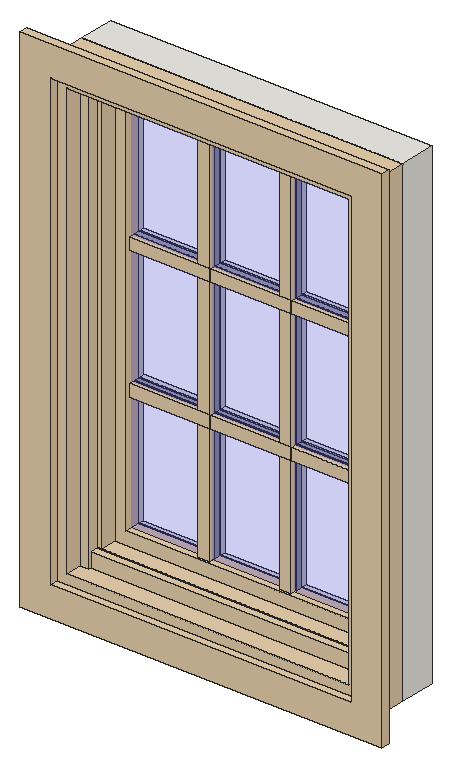
Revit family "Window-Casement-Andersen-A_Series 4", category Windows, host Wall, Revit 2013 (continued)
Dimensions and locks (in)
  aligned and locked: plane 5 "L Frame" to curve 43
  aligned and locked: Masking region 3 sketch curve to host wall
  aligned and locked: plane 31 "T Xjamb 1" to Extrusion 3 sketch curve
  aligned and locked: plane 33 "T Xjamb 2" to Extrusion 3 sketch curve
  aligned and locked: Extrusion 3 sketch curve to plane 21 "R Xjamb 1"
  aligned and locked: Extrusion 3 sketch curve to plane 23 "R Xjamb 2"
  aligned and locked: plane 11 "L Xjamb 1" to Extrusion 3 sketch curve
  aligned and locked: plane 13 "L Xjamb 2" to Extrusion 3 sketch curve
  aligned and locked: Extrusion 3 sketch curve to plane 56 "B Xjamb 1"
  aligned and locked: Extrusion 3 sketch curve to plane 41 "B Xjamb 2"
  aligned and locked: plane 31 "T Xjamb 1" to Extrusion 4 sketch curve
  aligned and locked: plane 38 "T Int Casing" to Extrusion 4 sketch curve
  aligned and locked: Extrusion 4 sketch curve to plane 21 "R Xjamb 1"
  aligned and locked: Extrusion 4 sketch curve to plane 28 "R Int Casing"
  aligned and locked: plane 11 "L Xjamb 1" to Extrusion 4 sketch curve
  aligned and locked: plane 45 "L Int Casing" to Extrusion 4 sketch curve
  aligned and locked: Extrusion 4 sketch curve to plane 56 "B Xjamb 1"
  aligned and locked: Extrusion 4 sketch curve to plane 44 "B Int Casing"
  aligned and locked: Extrusion 4 to host wall
  aligned and locked: Extrusion 4 to plane 58 "Interior Casing"
  aligned and locked: plane 43 "B Casing 2" to Extrusion 5 sketch curve
  aligned and locked: plane 43 "B Casing 2" to Sweep 6 sketch curve  (x2)
  aligned and locked: plane 17 "L Casing 4" to Sweep 6 sketch curve  (x2)
  aligned and locked: Sweep 6 sketch curve to plane 27 "R Casing 4"
  aligned and locked: plane 37 "T Casing 4" to Sweep 6 sketch curve
  aligned and locked: plane 16 "L Casing 3" to Sweep 6 sketch curve
  aligned and locked: plane 47 "Casing S2" to Sweep 6 sketch curve
  aligned and locked: Sweep 6 sketch curve to plane 46 "Casing S1"
  aligned and locked: plane 49 "Flange" to Sweep 6 sketch curve
  aligned and locked: Sweep 6 sketch curve to plane 12 "L Casing 1"
  aligned and locked: Sweep 6 sketch curve to plane 47 "Casing S2"
  aligned and locked: plane 15 "L Casing 2" to Sweep 6 sketch curve
  aligned and locked: Extrusion 5 to plane 17 "L Casing 4"
  aligned and locked: plane 27 "R Casing 4" to Extrusion 5
  aligned and locked: plane 32 "T Casing 1" to Extrusion 7 sketch curve
  aligned and locked: plane 37 "T Casing 4" to Extrusion 7 sketch curve
  aligned and locked: plane 12 "L Casing 1" to Extrusion 7 sketch curve
  aligned and locked: plane 17 "L Casing 4" to Extrusion 7 sketch curve
  aligned and locked: Extrusion 7 sketch curve to plane 22 "R Casing 1"
  aligned and locked: Extrusion 7 sketch curve to plane 27 "R Casing 4"
  aligned and locked: Extrusion 7 sketch curve to plane 43 "B Casing 2"
  aligned and locked: plane 46 "Casing S1" to Extrusion 7
  aligned and locked: plane 49 "Flange" to Extrusion 7
  aligned and locked: plane 8 "L Glazing" to Extrusion 8 sketch curve
  aligned and locked: Extrusion 8 sketch curve to plane 18 "R Glazing"
  aligned and locked: plane 29 "T Glazing" to Extrusion 8 sketch curve
  aligned and locked: plane 50 "Glass1 S1" to Extrusion 8
  aligned and locked: Extrusion 8 to plane 54 "Sash1 S2"
  aligned and locked: Extrusion 9 sketch curve to plane 8 "L Glazing"
  aligned and locked: Extrusion 9 sketch curve to plane 29 "T Glazing"
  aligned and locked: plane 18 "R Glazing" to Extrusion 9 sketch curve
  aligned and locked: Extrusion 9 to plane 50 "Glass1 S1"
  aligned and locked: plane 29 "T Glazing" to Extrusion 10 sketch curve
  aligned and locked: plane 8 "L Glazing" to Extrusion 10 sketch curve
  aligned and locked: Extrusion 10 sketch curve to plane 18 "R Glazing"
  aligned and locked: plane 50 "Glass1 S1" to Extrusion 10
  aligned and locked: Extrusion 10 to plane 53 "Glass1 S4"
  aligned and locked: nested 1 to plane 29 "T Glazing"
  aligned and locked: nested 1 to plane 3 "Center (Left/Right)"
  aligned and locked: plane 8 "L Glazing" to nested 2
  aligned and locked: nested 3 to plane 29 "T Glazing"
  aligned and locked: plane 8 "L Glazing" to nested 4
  aligned and locked: nested 5 to plane 29 "T Glazing"
  aligned and locked: plane 8 "L Glazing" to nested 6
  aligned and locked: plane 8 "L Glazing" to nested 7
  aligned and locked: Extrusion 5 sketch curve to plane 49 "Flange"
  aligned and locked: host wall to Masking region 11 sketch curve
  aligned and locked: plane 4 "R Frame" to Masking region 11 sketch curve
  aligned and locked: Masking region 11 sketch curve to plane 5 "L Frame"
  aligned and locked: plane 57 "Exterior Offset" to Masking region 11 sketch curve
  aligned and locked: plane 27 "R Casing 4" to Masking region 11 sketch curve
  aligned and locked: Masking region 11 sketch curve to plane 17 "L Casing 4"
  aligned and locked: plane 39 "B Glazing" to Extrusion 8 sketch curve
  aligned and locked: curve 11 to plane 66 "Sash1 S1"
  aligned and locked: plane 66 "Sash1 S1" to curve 15
  aligned and locked: plane 66 "Sash1 S1" to Extrusion 9
  aligned and locked: host wall to curve 19
  aligned and locked: plane 7 "T Frame" to Extrusion 11 sketch curve
  aligned and locked: Extrusion 11 sketch curve to plane 4 "R Frame"
  aligned and locked: Extrusion 11 sketch curve to plane 6 "B Frame"
  aligned and locked: plane 5 "L Frame" to Extrusion 11 sketch curve
  aligned and locked: plane 30 "T Ext Frame" to Extrusion 11 sketch curve
  aligned and locked: Extrusion 11 sketch curve to plane 19 "R Ext Frame"
  aligned and locked: plane 9 "L Ext Frame" to Extrusion 11 sketch curve
  aligned and locked: Extrusion 11 sketch curve to plane 40 "B Ext Frame"
  aligned and locked: plane 48 "Frame S1" to Extrusion 11
  aligned and locked: Extrusion 10 sketch curve to plane 39 "B Glazing"
  aligned and locked: plane 39 "B Glazing" to curve 28
  aligned and locked: plane 39 "B Glazing" to curve 27
  aligned and locked: plane 39 "B Glazing" to curve 29
  aligned and locked: plane 39 "B Glazing" to curve 26
  aligned and locked: plane 39 "B Glazing" to Extrusion 9 sketch curve
  aligned and locked: plane 68 "L Sash" to curve 18
  aligned and locked: plane 54 "Sash1 S2" to curve 18
  aligned and locked: plane 54 "Sash1 S2" to curve 14
  aligned and locked: plane 55 "Frame S2" to Masking region 1 sketch curve
  aligned and locked: Masking region 4 sketch curve to plane 55 "Frame S2"
  aligned and locked: plane 71 "T Sash" to Extrusion 9 sketch curve
  aligned and locked: plane 68 "L Sash" to Extrusion 9 sketch curve
  aligned and locked: Extrusion 9 sketch curve to plane 67 "R Sash"
  aligned and locked: plane 70 "B Sash" to Extrusion 9 sketch curve
  aligned and locked: Extrusion 8 sketch curve to plane 71 "T Sash"
  aligned and locked: Extrusion 8 sketch curve to plane 68 "L Sash"
  aligned and locked: plane 67 "R Sash" to Extrusion 8 sketch curve
  aligned and locked: plane 70 "B Sash" to Extrusion 8 sketch curve
  aligned and locked: Extrusion 11 to plane 54 "Sash1 S2"
  aligned and locked: plane 72 "T Int Frame" to Extrusion 12 sketch curve
  aligned and locked: plane 74 "L Int Frame" to Extrusion 12 sketch curve
  aligned and locked: Extrusion 12 sketch curve to plane 75 "R Int Frame"
  aligned and locked: Extrusion 12 sketch curve to plane 73 "B Int Frame"
  aligned and locked: Extrusion 12 sketch curve to plane 6 "B Frame"
  aligned and locked: Extrusion 12 sketch curve to plane 4 "R Frame"
  aligned and locked: plane 7 "T Frame" to Extrusion 12 sketch curve
  aligned and locked: plane 5 "L Frame" to Extrusion 12 sketch curve
  aligned and locked: plane 54 "Sash1 S2" to Extrusion 12
  aligned and locked: Extrusion 12 to plane 55 "Frame S2"
  aligned and locked: plane 75 "R Int Frame" to Extrusion 13
  aligned and locked: Extrusion 13 to plane 74 "L Int Frame"
  aligned and locked: Extrusion 14 sketch curve to plane 54 "Sash1 S2"
  aligned and locked: plane 20 "R Stop" to Extrusion 14 sketch curve
  aligned and locked: plane 10 "L Stop" to Extrusion 14 sketch curve
  aligned and locked: Extrusion 14 sketch curve to plane 69 "Stop S1"
  aligned and locked: plane 73 "B Int Frame" to Extrusion 14
  aligned and locked: Extrusion 14 to plane 72 "T Int Frame"
  aligned and locked: plane 65 "Xjamb S1" to Extrusion 3
  aligned and locked: host wall to Extrusion 3
  aligned and locked: plane 54 "Sash1 S2" to Extrusion 13 sketch curve
  aligned and locked: plane 76 "T Stop" to curve 38
  aligned and locked: plane 10 "L Stop" to curve 41
  aligned and locked: curve 39 to plane 20 "R Stop"
  aligned and locked: plane 72 "T Int Frame" to curve 50
  aligned and locked: curve 51 to plane 75 "R Int Frame"
  aligned and locked: plane 74 "L Int Frame" to curve 53
  aligned and locked: curve 52 to plane 73 "B Int Frame"
  aligned and locked: plane 71 "T Sash" to curve 54
  aligned and locked: plane 68 "L Sash" to curve 54
  aligned and locked: plane 68 "L Sash" to curve 55
  aligned and locked: plane 70 "B Sash" to curve 55
  aligned and locked: plane 67 "R Sash" to curve 55
  aligned and locked: curve 32 to plane 70 "B Sash"
  aligned and locked: plane 68 "L Sash" to curve 31
  aligned and locked: plane 71 "T Sash" to curve 30
  aligned and locked: curve 33 to plane 67 "R Sash"
  aligned and locked: plane 4 "R Frame" to curve 56
  aligned and locked: plane 5 "L Frame" to curve 56
  aligned and locked: host wall to curve 56
  aligned and locked: Masking region 12 sketch curve to plane 33 "T Xjamb 2"
  aligned and locked: plane 65 "Xjamb S1" to Masking region 12 sketch curve
  aligned and locked: plane 41 "B Xjamb 2" to Masking region 12 sketch curve
  aligned and locked: host wall to Masking region 12 sketch curve
  aligned and locked: host wall to Masking region 13 sketch curve
  aligned and locked: Masking region 13 sketch curve to plane 44 "B Int Casing"
  aligned and locked: plane 58 "Interior Casing" to Masking region 13 sketch curve
  aligned and locked: plane 38 "T Int Casing" to Masking region 13 sketch curve
  aligned and locked: plane 65 "Xjamb S1" to curve 60
  aligned and locked: plane 73 "B Int Frame" to curve 60
  aligned and locked: plane 65 "Xjamb S1" to curve 61
  aligned and locked: host wall to curve 61
  aligned and locked: plane 56 "B Xjamb 1" to curve 61
  aligned and locked: plane 58 "Interior Casing" to curve 62
  aligned and locked: plane 56 "B Xjamb 1" to curve 62
  aligned and locked: plane 65 "Xjamb S1" to curve 57
  aligned and locked: plane 72 "T Int Frame" to curve 57
  aligned and locked: plane 65 "Xjamb S1" to curve 58
  aligned and locked: host wall to curve 58
  aligned and locked: plane 31 "T Xjamb 1" to curve 58
  aligned and locked: plane 58 "Interior Casing" to curve 59
  aligned and locked: plane 31 "T Xjamb 1" to curve 59
  aligned and locked: Masking region 14 sketch curve to plane 65 "Xjamb S1"
  aligned and locked: plane 13 "L Xjamb 2" to Masking region 14 sketch curve
  aligned and locked: Masking region 14 sketch curve to host wall
  aligned and locked: Masking region 14 sketch curve to plane 23 "R Xjamb 2"
  aligned and locked: host wall to Masking region 15 sketch curve
  aligned and locked: plane 45 "L Int Casing" to Masking region 15 sketch curve
  aligned and locked: plane 58 "Interior Casing" to Masking region 15 sketch curve
  aligned and locked: Masking region 15 sketch curve to plane 28 "R Int Casing"
  aligned and locked: plane 65 "Xjamb S1" to curve 65
  aligned and locked: host wall to curve 65
  aligned and locked: plane 11 "L Xjamb 1" to curve 65
  aligned and locked: plane 58 "Interior Casing" to curve 66
  aligned and locked: plane 11 "L Xjamb 1" to curve 66
  aligned and locked: plane 65 "Xjamb S1" to curve 63
  aligned and locked: host wall to curve 63
  aligned and locked: plane 21 "R Xjamb 1" to curve 63
  aligned and locked: plane 58 "Interior Casing" to curve 64
  aligned and locked: plane 21 "R Xjamb 1" to curve 64
  aligned and locked: curve 40 to plane 59 "Vertical Bar Length"
  aligned and locked: Extrusion 15 sketch curve to plane 72 "T Int Frame"
  aligned and locked: Extrusion 15 sketch curve to plane 69 "Stop S1"
  aligned and locked: Extrusion 15 to plane 74 "L Int Frame"
  aligned and locked: plane 75 "R Int Frame" to Extrusion 15
  aligned and locked: plane 6 "B Frame" to curve 49
  aligned and locked: plane 49 "Flange" to curve 49
  aligned and locked: plane 7 "T Frame" to curve 48
  aligned and locked: plane 49 "Flange" to curve 48
  aligned and locked: plane 25 "R Casing 2" to curve 5
  aligned and locked: plane 47 "Casing S2" to curve 4
  aligned and locked: plane 26 "R Casing 3" to curve 4
  aligned and locked: plane 46 "Casing S1" to curve 4
  aligned and locked: plane 15 "L Casing 2" to curve 2
  aligned and locked: plane 35 "T Casing 2" to curve 24
  aligned and locked: plane 36 "T Casing 3" to curve 23
  aligned and locked: plane 46 "Casing S1" to curve 23
  aligned and locked: Extrusion 5 sketch curve to plane 6 "B Frame"
  aligned and locked: Masking region 6 sketch curve to cut or joined group of Extrusion 5, Sweep 6
  aligned and locked: Extrusion 7 sketch curve to plane 6 "B Frame"
  aligned and locked: plane 46 "Casing S1" to curve 42
  aligned and locked: plane 46 "Casing S1" to curve 43
  aligned and locked: plane 55 "Frame S2" to curve 68
  aligned and locked: plane 55 "Frame S2" to curve 67
  aligned and locked: plane 5 "L Frame" to curve 68
  aligned and locked: plane 4 "R Frame" to curve 67
  aligned and locked: plane 49 "Flange" to curve 69
  aligned and locked: plane 37 "T Casing 4" to curve 69
  aligned and locked: plane 46 "Casing S1" to curve 70
  aligned and locked: plane 49 "Flange" to curve 70
  aligned and locked: plane 43 "B Casing 2" to curve 70
  aligned and locked: plane 49 "Flange" to curve 67
  aligned and locked: plane 49 "Flange" to curve 68
  aligned and locked: plane 49 "Flange" to curve 99
  aligned and locked: plane 4 "R Frame" to curve 99
  aligned and locked: curve 153 to plane 49 "Flange"
  aligned and locked: plane 5 "L Frame" to curve 153
  aligned and locked: plane 69 "Stop S1" to curve 155
  aligned and locked: plane 75 "R Int Frame" to curve 154
  aligned and locked: plane 74 "L Int Frame" to curve 157
  aligned and locked: curve 156 to plane 69 "Stop S1"
  aligned and locked: plane 55 "Frame S2" to curve 154
  aligned and locked: plane 55 "Frame S2" to curve 157
  aligned and locked: plane 16 "L Casing 3" to curve 1
  aligned and locked: plane 46 "Casing S1" to curve 1
Automatic sketch dimensions
  curve 42 to curve 42 = 0' - 0 3/16"
  curve 13 to curve 13 = 0' - 2.3296"
  curve 278 to curve 278 = 0' - 0.156"  (x2)
  curve 76 to curve 75 = 0' - 0.335"
  curve 75 to curve 74 = 0' - 0.047"
  curve 77 to curve 91 = 0' - 0.46646"
  curve 91 to curve 89 = 0' - 0.01154"
  curve 88 to curve 88 = 0' - 0 1/2"
  curve 87 to curve 93 = 0' - 0.1325"
  curve 74 to curve 80 = 0' - 0.765"
  curve 80 to curve 82 = 0' - 0.12649"
  curve 93 to curve 84 = 0' - 0.4815"
  curve 85 to curve 85 = 0' - 1.19371"
  curve 95 to curve 96 = 0' - 0.80629"
  curve 91 to curve 77 = 0' - 1.0695"
  curve 99 to curve 91 = 0' - 0.22314"
  curve 74 to curve 73 = 0' - 0.122"
  curve 81 to curve 78 = 0' - 0.122"
  curve 97 to curve 98 = 0' - 1.05756"
  curve 91 to curve 90 = 0' - 0.1829"
  curve 91 to curve 89 = 0' - 0.26718"
  curve 89 to curve 88 = 0' - 0.17032"
  curve 87 to curve 98 = 0' - 0.1945"
  curve 87 to curve 94 = 0' - 0.3285"
  curve 93 to curve 87 = 0' - 0.1845"
  curve 97 to curve 97 = 0' - 0.68"
  curve 95 to curve 85 = 0' - 0.36"
  curve 86 to curve 78 = 0' - 1.081"
  curve 78 to curve 83 = 0' - 0.16349"
  curve 74 to curve 77 = 0' - 0.28859"
  curve 83 to curve 82 = 0' - 0.31851"
  curve 76 to curve 75 = 0' - 0.19341"
  curve 99 to curve 91 = 0' - 2.425"
  curve 99 to curve 91 = 0' - 0.8"
  curve 91 to curve 77 = 0' - 0.3579"
  curve 79 to curve 74 = 0' - 0.152"
  curve 73 to curve 74 = 0' - 0.001"
  curve 81 to curve 80 = 0' - 0.001"
  curve 279 to curve 279 = 0' - 0.156"  (x2)
  curve 103 to curve 102 = 0' - 0.335"
  curve 102 to curve 101 = 0' - 0.047"
  curve 104 to curve 118 = 0' - 0.46646"
  curve 118 to curve 116 = 0' - 0.01154"
  curve 115 to curve 115 = 0' - 0 1/2"
  curve 114 to curve 120 = 0' - 0.1325"
  curve 101 to curve 107 = 0' - 0.765"
  curve 107 to curve 109 = 0' - 0.12649"
  curve 120 to curve 111 = 0' - 0.4815"
  curve 112 to curve 112 = 0' - 1.19371"
  curve 122 to curve 123 = 0' - 0.80629"
  curve 118 to curve 104 = 0' - 1.0695"
  curve 126 to curve 118 = 0' - 0.22314"
  curve 101 to curve 100 = 0' - 0.122"
  curve 108 to curve 105 = 0' - 0.122"
  curve 124 to curve 125 = 0' - 1.05756"
  curve 118 to curve 117 = 0' - 0.1829"
  curve 118 to curve 116 = 0' - 0.26718"
  curve 116 to curve 115 = 0' - 0.17032"
  curve 114 to curve 125 = 0' - 0.1945"
  curve 114 to curve 121 = 0' - 0.3285"
  curve 120 to curve 114 = 0' - 0.1845"
  curve 124 to curve 124 = 0' - 0.68"
  curve 122 to curve 112 = 0' - 0.36"
  curve 113 to curve 105 = 0' - 1.081"
  curve 105 to curve 110 = 0' - 0.16349"
  curve 101 to curve 104 = 0' - 0.28859"
  curve 110 to curve 109 = 0' - 0.31851"
  curve 103 to curve 102 = 0' - 0.19341"
  curve 126 to curve 118 = 0' - 2.425"
  curve 126 to curve 118 = 0' - 0.8"
  curve 118 to curve 104 = 0' - 0.3579"
  curve 106 to curve 101 = 0' - 0.152"
  curve 100 to curve 101 = 0' - 0.001"
  curve 108 to curve 107 = 0' - 0.001"
  curve 280 to curve 280 = 0' - 0.156"  (x2)
  curve 129 to curve 130 = 0' - 0.335"
  curve 128 to curve 129 = 0' - 0.047"
  curve 145 to curve 131 = 0' - 0.46646"
  curve 143 to curve 145 = 0' - 0.01154"
  curve 142 to curve 142 = 0' - 0 1/2"
  curve 147 to curve 141 = 0' - 0.1325"
  curve 134 to curve 128 = 0' - 0.765"
  curve 136 to curve 134 = 0' - 0.12649"
  curve 138 to curve 147 = 0' - 0.4815"
  curve 139 to curve 139 = 0' - 1.19371"
  curve 150 to curve 149 = 0' - 0.80629"
  curve 131 to curve 145 = 0' - 1.0695"
  curve 145 to curve 153 = 0' - 0.22314"
  curve 127 to curve 128 = 0' - 0.122"
  curve 132 to curve 135 = 0' - 0.122"
  curve 152 to curve 151 = 0' - 1.05756"
  curve 145 to curve 144 = 0' - 0.1829"
  curve 145 to curve 143 = 0' - 0.26718"
  curve 143 to curve 142 = 0' - 0.17032"
  curve 141 to curve 152 = 0' - 0.1945"
  curve 141 to curve 148 = 0' - 0.3285"
  curve 147 to curve 141 = 0' - 0.1845"
  curve 151 to curve 151 = 0' - 0.68"
  curve 149 to curve 139 = 0' - 0.36"
  curve 140 to curve 132 = 0' - 1.081"
  curve 132 to curve 137 = 0' - 0.16349"
  curve 128 to curve 131 = 0' - 0.28859"
  curve 137 to curve 136 = 0' - 0.31851"
  curve 130 to curve 129 = 0' - 0.19341"
  curve 153 to curve 145 = 0' - 2.425"
  curve 153 to curve 145 = 0' - 0.8"
  curve 145 to curve 131 = 0' - 0.3579"
  curve 133 to curve 128 = 0' - 0.152"
  curve 127 to curve 128 = 0' - 0.001"
  curve 135 to curve 134 = 0' - 0.001"
  curve 226 to curve 228 = 0' - 1.25756"
  curve 227 to curve 228 = 0' - 0.6"
  curve 228 to curve 229 = 0' - 0.00349"
  curve 228 to curve 233 = 0' - 0.009"
  curve 228 to curve 233 = 0' - 0.76957"
  curve 232 to curve 235 = 0' - 0.43043"
  curve 219 to curve 220 = 0' - 0.01334"
  curve 231 to curve 235 = 0' - 0.31218"
  curve 220 to curve 217 = 0' - 0.36066"
  curve 231 to curve 243 = 0' - 0.445"
  curve 217 to curve 221 = 0' - 0.1075"
  curve 217 to curve 216 = 0' - 0.24"
  curve 215 to curve 213 = 0' - 0 1/2"
  curve 213 to curve 224 = 0' - 0.01154"
  curve 239 to curve 239 = 0' - 0.765"
  curve 237 to curve 210 = 0' - 0.047"
  curve 213 to curve 213 = 0' - 0.16834"
  curve 212 to curve 211 = 0' - 0.30966"
  curve 281 to curve 226 = 0' - 0 5/32"  (x2)
  curve 239 to curve 242 = 0' - 0.122"
  curve 240 to curve 237 = 0' - 0.122"
  curve 223 to curve 225 = 0' - 0.22314"
  curve 49 to curve 225 = 0' - 0"  (x2)
  curve 211 to curve 224 = 0' - 1.0695"
  curve 223 to curve 211 = 0' - 0.1819"
  curve 223 to curve 212 = 0' - 0.2365"
  curve 213 to curve 214 = 0' - 0.2"
  curve 215 to curve 221 = 0' - 0.3295"
  curve 221 to curve 218 = 0' - 0.2605"
  curve 220 to curve 226 = 0' - 0.459"
  curve 220 to curve 219 = 0' - 0.6745"
  curve 234 to curve 234 = 0' - 0.68921"
  curve 219 to curve 232 = 0' - 0.2185"
  curve 233 to curve 228 = 0' - 0.36679"
  curve 228 to curve 230 = 0' - 0.1"
  curve 218 to curve 239 = 0' - 0.919"
  curve 239 to curve 231 = 0' - 0.194"
  curve 237 to curve 210 = 0' - 0.30059"
  curve 210 to curve 210 = 0' - 0.19341"
  curve 231 to curve 235 = 0' - 0.3"
  curve 225 to curve 223 = 0' - 2.425"
  curve 49 to curve 223 = 0' - 0.8"
  curve 225 to curve 49 = 0' - 0"
  curve 224 to curve 211 = 0' - 0.3569"
  curve 241 to curve 236 = 0' - 0.164"
  curve 236 to curve 242 = 0' - 0"
  curve 240 to curve 237 = 0' - 0"
  curve 260 to curve 262 = 0' - 1.25756"
  curve 261 to curve 262 = 0' - 0.6"
  curve 262 to curve 263 = 0' - 0.00349"
  curve 262 to curve 267 = 0' - 0.009"
  curve 262 to curve 267 = 0' - 0.76957"
  curve 266 to curve 269 = 0' - 0.43043"
  curve 253 to curve 254 = 0' - 0.01334"
  curve 265 to curve 269 = 0' - 0.31218"
  curve 254 to curve 251 = 0' - 0.36066"
  curve 265 to curve 277 = 0' - 0.445"
  curve 251 to curve 255 = 0' - 0.1075"
  curve 251 to curve 250 = 0' - 0.24"
  curve 249 to curve 247 = 0' - 0 1/2"
  curve 247 to curve 258 = 0' - 0.01154"
  curve 273 to curve 273 = 0' - 0.765"
  curve 271 to curve 244 = 0' - 0.047"
  curve 247 to curve 247 = 0' - 0.16834"
  curve 246 to curve 245 = 0' - 0.30966"
  curve 282 to curve 260 = 0' - 0 5/32"  (x2)
  curve 273 to curve 276 = 0' - 0.122"
  curve 274 to curve 271 = 0' - 0.122"
  curve 257 to curve 259 = 0' - 0.22314"
  curve 71 to curve 259 = 0' - 0"  (x2)
  curve 245 to curve 258 = 0' - 1.0695"
  curve 257 to curve 245 = 0' - 0.1819"
  curve 257 to curve 246 = 0' - 0.2365"
  curve 247 to curve 248 = 0' - 0.2"
  curve 249 to curve 255 = 0' - 0.3295"
  curve 255 to curve 252 = 0' - 0.2605"
  curve 254 to curve 260 = 0' - 0.459"
  curve 254 to curve 253 = 0' - 0.6745"
  curve 268 to curve 268 = 0' - 0.68921"
  curve 253 to curve 266 = 0' - 0.2185"
  curve 267 to curve 262 = 0' - 0.36679"
  curve 262 to curve 264 = 0' - 0.1"
  curve 252 to curve 273 = 0' - 0.919"
  curve 273 to curve 265 = 0' - 0.194"
  curve 271 to curve 244 = 0' - 0.30059"
  curve 244 to curve 244 = 0' - 0.19341"
  curve 265 to curve 269 = 0' - 0.3"
  curve 259 to curve 257 = 0' - 2.425"
  curve 71 to curve 257 = 0' - 0.8"
  curve 259 to curve 71 = 0' - 0"
  curve 258 to curve 245 = 0' - 0.3569"
  curve 275 to curve 270 = 0' - 0.164"
  curve 270 to curve 276 = 0' - 0"
  curve 274 to curve 271 = 0' - 0"
  curve 69 to plane 46 "Casing S1" = 0' - 0"
  curve 60 to plane 69 "Stop S1" = 0' - 0.5885"
  curve 57 to plane 69 "Stop S1" = 0' - 0.5885"
  curve 47 to plane 20 "R Stop" = 0' - 0"
  curve 45 to plane 10 "L Stop" = 0' - 0"
  curve 46 to plane 54 "Sash1 S2" = 0' - 0"
  curve 45 to plane 54 "Sash1 S2" = 0' - 0"
  curve 46 to plane 67 "R Sash" = 0' - 0"
  curve 44 to plane 68 "L Sash" = 0' - 0"
  plane 73 "B Int Frame" to Extrusion 13 sketch curve = 0' - 0"
  curve 166 to curve 164 = 0' - 1.05756"
  curve 164 to curve 164 = 0' - 0.80629"
  curve 163 to curve 166 = 0' - 1.19371"
  curve 178 to curve 178 = 0' - 0.31851"
  curve 178 to curve 176 = 0' - 0.445"
  curve 161 to curve 161 = 0' - 0.4815"
  curve 160 to curve 180 = 0' - 0.1325"
  curve 181 to curve 183 = 0' - 0 1/2"
  curve 167 to curve 158 = 0' - 0.01154"
  curve 176 to curve 170 = 0' - 0.765"
  curve 170 to curve 169 = 0' - 0.047"
  curve 169 to curve 168 = 0' - 0.335"
  curve 283 to curve 166 = 0' - 0 5/32"
  curve 176 to curve 172 = 0' - 0.122"
  curve 171 to curve 170 = 0' - 0.122"
  curve 158 to curve 48 = 0' - 0.22314"
  curve 167 to curve 158 = 0' - 1.0695"
  curve 178 to curve 170 = 0' - 0"
  curve 169 to curve 168 = 0' - 0.19341"
  curve 177 to curve 178 = 0' - 0.31851"
  curve 178 to curve 175 = 0' - 0.16349"
  curve 178 to curve 162 = 0' - 0.52299"
  curve 162 to curve 163 = 0' - 0.36"
  curve 162 to curve 180 = 0' - 0.7215"
  curve 180 to curve 161 = 0' - 0.1845"
  curve 164 to curve 166 = 0' - 0.68"
  curve 160 to curve 182 = 0' - 0.3285"
  curve 182 to curve 167 = 0' - 0.17032"
  curve 167 to curve 168 = 0' - 0.08428"
  curve 167 to curve 158 = 0' - 0.26718"
  curve 171 to curve 170 = 0' - 0"
  curve 176 to curve 174 = 0' - 0"
  curve 174 to curve 172 = 0' - 0.152"
  curve 166 to curve 283 = 0' - 0 5/32"
  curve 167 to curve 158 = 0' - 0.3579"
  curve 158 to curve 48 = 0' - 0.8"
  curve 48 to curve 48 = 0' - 1 5/8"
  curve 192 to curve 190 = 0' - 1.05756"
  curve 190 to curve 190 = 0' - 0.80629"
  curve 189 to curve 192 = 0' - 1.19371"
  curve 204 to curve 204 = 0' - 0.31851"
  curve 204 to curve 202 = 0' - 0.445"
  curve 187 to curve 187 = 0' - 0.4815"
  curve 186 to curve 206 = 0' - 0.1325"
  curve 207 to curve 209 = 0' - 0 1/2"
  curve 193 to curve 184 = 0' - 0.01154"
  curve 202 to curve 196 = 0' - 0.765"
  curve 196 to curve 195 = 0' - 0.047"
  curve 195 to curve 194 = 0' - 0.335"
  curve 284 to curve 192 = 0' - 0 5/32"
  curve 202 to curve 198 = 0' - 0.122"
  curve 197 to curve 196 = 0' - 0.122"
  curve 184 to curve 72 = 0' - 0.22314"
  curve 193 to curve 184 = 0' - 1.0695"
  curve 204 to curve 196 = 0' - 0"
  curve 195 to curve 194 = 0' - 0.19341"
  curve 203 to curve 204 = 0' - 0.31851"
  curve 204 to curve 201 = 0' - 0.16349"
  curve 204 to curve 188 = 0' - 0.52299"
  curve 188 to curve 189 = 0' - 0.36"
  curve 188 to curve 206 = 0' - 0.7215"
  curve 206 to curve 187 = 0' - 0.1845"
  curve 190 to curve 192 = 0' - 0.68"
  curve 186 to curve 208 = 0' - 0.3285"
  curve 208 to curve 193 = 0' - 0.17032"
  curve 193 to curve 194 = 0' - 0.08428"
  curve 193 to curve 184 = 0' - 0.26718"
  curve 197 to curve 196 = 0' - 0"
  curve 202 to curve 200 = 0' - 0"
  curve 200 to curve 198 = 0' - 0.152"
  curve 192 to curve 284 = 0' - 0 5/32"
  curve 193 to curve 184 = 0' - 0.3579"
  curve 184 to curve 72 = 0' - 0.8"
  curve 72 to curve 72 = 0' - 1 5/8"
  curve 6 to plane 22 "R Casing 1" = 0' - 0"
  curve 14 to plane 67 "R Sash" = 0' - 0"
  curve 6 to plane 48 "Frame S1" = 0' - 0"
  curve 14 to plane 48 "Frame S1" = 0' - 0"
  curve 43 to plane 48 "Frame S1" = 0' - 0"
  curve 42 to plane 4 "R Frame" = 0' - 0"
  curve 42 to plane 48 "Frame S1" = 0' - 0"
  host wall to curve 20 = 0' - 0"
  curve 21 to plane 20 "R Stop" = 0' - 0"
  curve 20 to plane 10 "L Stop" = 0' - 0"
Nested families (in)
  nested 1: "Andersen Grille Bar" at (0, 0.42381, 64.65039) x (-1, 0, 0) z (0, 1, 0), Center Line <- "Bar Center Line", Bar Length <- "TS V Bar Length", Bar Width <- "Grille Bar Size", visible <- "TS S V", type "Andersen Grille Bar"
    with Glass / 2 0' - 0 1/8", Glass 0' - 0 5/8", Center Line Length 2' - 4 147/256", Center Line 2, Bar Width 0' - 0 7/8", Bar Length 2' - 4 147/256"
  nested 2: "Andersen Grille Bar" at (0, 0.42381, 64.65039) x (0, 0, -1) z (0, 1, 0), Bar Length <- "H DLO", visible <- "TS S H", Bar Width <- "Horizontal Craftsman Bar Size", type "Andersen Grille Bar"
    with Glass / 2 0' - 0 1/8", Glass 0' - 0 5/8", Center Line Length 1' - 5 3/8", Center Line 2, Bar Width 0' - 0 7/8", Bar Length 1' - 5 3/8"
  nested 3: "Andersen Grille Bar" at (3.04167, 0.42381, 64.65039) x (-1, 0, 0) z (0, 1, 0), Center Line <- "Bar Center Line", Bar Length <- "TS V Bar Length", Bar Width <- "Grille Bar Size", visible <- "TS M V", type "Andersen Grille Bar"
    with Glass / 2 0' - 0 1/8", Glass 0' - 0 5/8", Center Line Length 2' - 4 147/256", Center Line 2, Bar Width 0' - 0 7/8", Bar Length 2' - 4 147/256"
  nested 4: "Andersen Grille Bar" at (0, 0.42381, 59.74219) x (0, 0, -1) z (0, 1, 0), Center Line <- "Bar Center Line", Bar Length <- "H DLO", visible <- "TS M H", Bar Width <- "Grille Bar Size", type "Andersen Grille Bar"
    with Glass / 2 0' - 0 1/8", Glass 0' - 0 5/8", Center Line Length 1' - 5 3/8", Center Line 2, Bar Width 0' - 0 7/8", Bar Length 1' - 5 3/8"
  nested 5: "Andersen Grille Bar" at (-3.04167, 0.42381, 64.65039) x (-1, 0, 0) z (0, 1, 0), Center Line <- "Bar Center Line", Bar Length <- "TS V Bar Length", Bar Width <- "Grille Bar Size", visible <- "TS M V", type "Andersen Grille Bar"
    with Glass / 2 0' - 0 1/8", Glass 0' - 0 5/8", Center Line Length 2' - 4 147/256", Center Line 2, Bar Width 0' - 0 7/8", Bar Length 2' - 4 147/256"
  nested 6: "Andersen Grille Bar" at (0, 0.42381, 69.55859) x (0, 0, -1) z (0, 1, 0), Center Line <- "Bar Center Line", Bar Length <- "H DLO", visible <- "TS M H", Bar Width <- "Grille Bar Size", type "Andersen Grille Bar"
    with Glass / 2 0' - 0 1/8", Glass 0' - 0 5/8", Center Line Length 1' - 5 3/8", Center Line 2, Bar Width 0' - 0 7/8", Bar Length 1' - 5 3/8"
  nested 7: "Andersen Grille Bar" at (0, 0.42381, 64.65039) x (0, 0, -1) z (0, 1, 0), Bar Length <- "H DLO", visible <- "TS S H Craftsman", Bar Width <- "Grille Bar Size", type "Andersen Grille Bar"
    with Glass / 2 0' - 0 1/8", Glass 0' - 0 5/8", Center Line Length 1' - 5 3/8", Center Line 2, Bar Width 0' - 0 7/8", Bar Length 1' - 5 3/8"
Definition of nested family "Andersen Grille Bar"
  Parameters (values of type "Andersen Grille Bar")
    Interior Bar Visibility = yes
    Interior Bar Material = none
    Glass / 2 [instance] = (Glass / 2) - 0' 0 3/16"  # 0' - 0 1/8"
    Glass [instance] = 0' - 0 5/8"
    Exterior Bar Visibility = yes
    Exterior Bar Finish = none
    Default Elevation = 4' - 0"
    Center Line Length [instance] = if(Center Line = 1, Bar Length + (Bar Width / 2), Bar Length)  # 0' - 4 7/16"
    Center Line [instance] = 1
    Between Glass Bar Visibility = yes
    Between Glass Bar Finish = none
    Bar Width [instance] = 0' - 0 7/8"
    Bar Length [instance] = 0' - 4"
  Reference planes (in)
    plane 1 "Center (Front/Back)": y = 0
    plane 2 "a": z = 0
    plane 3 "Center (Left/Right)": x = 0
    plane 4 "1": x = -0.4375
    plane 5 "2": x = 0.4375
    plane 6: y = 2
    plane 7: y = -2
    plane 8 "b": z = -0.625
    plane 9: z = -0.125
    plane 10: y = -2.4375
    plane 11 "a1": z = 12
    plane 12 "a2": z = -12
  Forms (in)
    Extrusion 1, solid
      sketch origin (0, 0, 0) x (1, 0, 0) y (0, 1, 0)
        loop
          line (-48, 48) -> (-48, -48) -> (48, -48) -> (48, 48) -> (-48, 48)
      from 0 to -12
    Extrusion 2, solid, material <- "Exterior Bar Finish", visible <- "Exterior Bar Visibility", detail levels fine
      sketch origin (0, 0, 0) x (1, 0, 0) y (0, 1, 0)
        loop
          line (-0.4375, 2) -> (-0.4375, -2) -> (0.4375, -2) -> (0.4375, 2) -> (-0.4375, 2)
      from 0 to 0.375
    Extrusion 3, solid, material <- "Between Glass Bar Finish", visible <- "Between Glass Bar Visibility", detail levels fine
      sketch origin (0, 0, 0) x (1, 0, 0) y (0, 1, 0)
        loop
          line (-0.4375, 2) -> (-0.4375, -2) -> (0.4375, -2) -> (0.4375, 2) -> (-0.4375, 2)
      from -0.5 to -0.125
    Extrusion 4, solid, material <- "Interior Bar Material", visible <- "Interior Bar Visibility", detail levels fine
      sketch origin (0, 0, 0) x (1, 0, 0) y (0, 1, 0)
        loop
          line (-0.4375, 2) -> (-0.4375, -2) -> (0.4375, -2) -> (0.4375, 2) -> (-0.4375, 2)
      from -1 to -0.625
  Lines and regions (in)
    model lines, style "GenericModel", detail levels coarse+medium
      curve 1: line (0, 2, 0) -> (0, -2.4375, 0)
    symbolic lines, style "GenericModel", detail levels coarse+medium
      curve 2: line (0, 2, 12) -> (0, -2.4375, 12)
      curve 3: line (0, 2, -12) -> (0, -2.4375, -12)
    model lines, style "InvisibleLines", not visible, detail levels coarse
      curve 4: line (0, 0, 12) -> (0, 0, -12)
    symbolic lines, detail levels fine
      curve 5: line (-0.4375, 2, 0) -> (-0.4375, -2, 0)
      curve 6: line (0.4375, 2, 0) -> (0.4375, -2, 0)
  Dimensions and locks (in)
    "Glass": plane 2 "a" to plane 8 "b"
    "Glass / 2": plane 2 "a" to plane 9
    locked: Extrusion 2 to Extrusion 2 at 0.375
    locked: plane 9 to Extrusion 3 at 0.375
    locked: plane 8 "b" to Extrusion 4 at 0.375
    equal spacing: plane 4 "1", plane 3 "Center (Left/Right)", plane 5 "2"
    equal spacing: plane 6, plane 1 "Center (Front/Back)", plane 7
    "Bar Width": plane 4 "1" to plane 5 "2"
    "Bar Length": plane 6 to plane 7
    "Center Line Length": plane 6 to plane 10
    locked: plane 11 "a1" to plane 2 "a" at 12
    locked: plane 2 "a" to plane 12 "a2" at 12
    aligned and locked: plane 2 "a" to Extrusion 1
    aligned and locked: level to Extrusion 1
    aligned and locked: Extrusion 2 to plane 2 "a"
    aligned and locked: Extrusion 2 to plane 4 "1"
    aligned and locked: plane 5 "2" to Extrusion 2
    aligned and locked: plane 6 to Extrusion 2
    aligned and locked: Extrusion 2 to plane 7
    aligned and locked: plane 9 to Extrusion 3
    aligned and locked: Extrusion 3 to plane 4 "1"
    aligned and locked: plane 5 "2" to Extrusion 3
    aligned and locked: plane 6 to Extrusion 3
    aligned and locked: Extrusion 3 to plane 7
    aligned and locked: plane 8 "b" to Extrusion 4
    aligned and locked: Extrusion 4 to plane 4 "1"
    aligned and locked: plane 5 "2" to Extrusion 4
    aligned and locked: plane 6 to Extrusion 4
    aligned and locked: Extrusion 4 to plane 7
    aligned and locked: plane 6 to curve 1
    aligned and locked: plane 10 to curve 1
    aligned and locked: curve 1 to plane 3 "Center (Left/Right)"
    aligned and locked: plane 6 to curve 2
    aligned and locked: plane 10 to curve 2
    aligned and locked: curve 2 to plane 3 "Center (Left/Right)"
    aligned and locked: plane 6 to curve 3
    aligned and locked: plane 10 to curve 3
    aligned and locked: curve 3 to plane 3 "Center (Left/Right)"
    aligned and locked: plane 11 "a1" to curve 4
    aligned and locked: plane 12 "a2" to curve 4
    aligned and locked: curve 4 to plane 1 "Center (Front/Back)"
    aligned and locked: plane 6 to curve 5
    aligned and locked: plane 6 to curve 6
    aligned and locked: plane 7 to curve 6
    aligned and locked: plane 7 to curve 5
    aligned and locked: curve 5 to plane 4 "1"
    aligned and locked: curve 6 to plane 5 "2"
  Automatic sketch dimensions
    Extrusion 1 sketch curve to Extrusion 1 sketch curve = 8' - 0"  (x2)
    plane 7 to Extrusion 2 sketch curve = 0' - 0"
    Extrusion 2 sketch curve to plane 5 "2" = 0' - 0 7/8"
    Extrusion 2 sketch curve to plane 6 = 0' - 0"
    Extrusion 2 sketch curve to Extrusion 2 sketch curve = 0' - 0 7/8"
    plane 7 to Extrusion 3 sketch curve = 0' - 0"
    Extrusion 3 sketch curve to plane 5 "2" = 0' - 0 7/8"
    Extrusion 3 sketch curve to plane 6 = 0' - 0"
    Extrusion 3 sketch curve to Extrusion 3 sketch curve = 0' - 0 7/8"
    Extrusion 4 sketch curve to plane 7 = 0' - 0"
    Extrusion 4 sketch curve to plane 5 "2" = 0' - 0 7/8"
    Extrusion 4 sketch curve to plane 6 = 0' - 0"
    Extrusion 4 sketch curve to Extrusion 4 sketch curve = 0' - 0 7/8"
